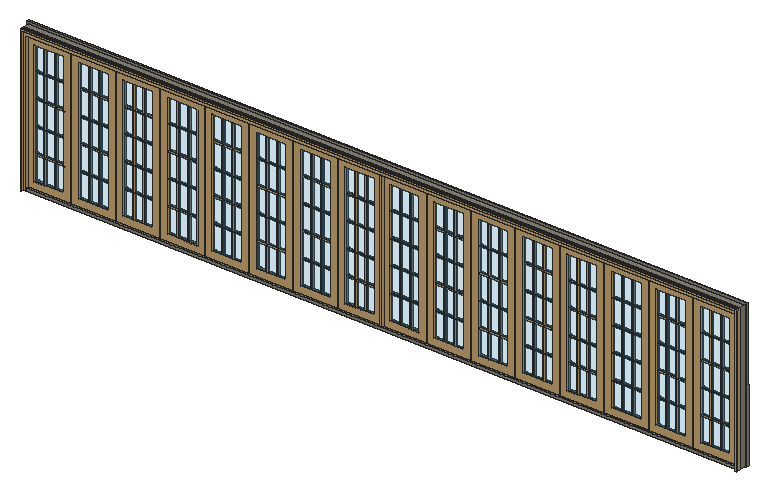
Revit family
Parameters (values of type "CMOBFD40080-16P")
  Width_Calc = if(Number of Panels > 15, -0' 7 101/128", if(Number of Panels > 14, -0' 7 47/256", if(and(Number of Panels > 13, Option Choice Constraint = 43), -0' 6 119/256", if(and(Number of Panels > 13, Option Choice Constraint = 42), -0' 6 91/256", if(Number of Panels > 12, -0' 5 191/256", if(and(Number of Panels > 11, Option Choice Constraint = 38), -0' 5 1/32", if(and(Number of Panels > 11, or(Option Choice Constraint = 39, Option Choice Constraint = 37)), -0' 4 59/64", if(Number of Panels > 10, -0' 4 5/16", if(and(Number of Panels > 9, or(Option Choice Constraint = 33, Option Choice Constraint = 31)), -0' 3 153/256", if(and(Number of Panels > 9, or(Option Choice Constraint = 32, Option Choice Constraint = 30)), -0' 3 31/64", if(Number of Panels > 8, -0' 2 225/256", if(and(Number of Panels > 7, or(Option Choice Constraint = 23, Option Choice Constraint = 21)), -0' 2 41/256", if(and(Number of Panels > 7, or(Option Choice Constraint = 24, Option Choice Constraint = 22)), -0' 2 13/256", if(and(Number of Panels > 7, Option Choice Constraint = 25), -0' 2 17/256", if(and(Number of Panels > 6, or(Option Choice Constraint = 19, Option Choice Constraint = 18, Option Choice Constraint = 17)), -0' 1 113/256", if(and(Number of Panels > 6, Option Choice Constraint = 20), -0' 1 103/256", if(and(Number of Panels > 5, or(Option Choice Constraint = 15, Option Choice Constraint = 13)), -0' 0 93/128", if(and(Number of Panels > 5, Option Choice Constraint = 14), -0' 0 79/128", if(and(Number of Panels > 5, Option Choice Constraint = 16), -0' 0 81/128", if(and(Number of Panels > 4, or(Option Choice Constraint = 11, Option Choice Constraint = 10)), -0' 0 1/128", if(and(Number of Panels > 4, Option Choice Constraint = 12), 0' 0 1/32", if(and(Number of Panels > 3, Option Choice Constraint = 8), 0' 0 105/128", if(and(Number of Panels > 3, Option Choice Constraint = 7), 0' 0 91/128", if(and(Number of Panels > 3, Option Choice Constraint = 9), 0' 0 103/128", if(and(Number of Panels > 2, Option Choice Constraint = 6), 0' 1 15/32", if(and(Number of Panels > 2, Option Choice Constraint = 5), 0' 1 109/256", if(and(Number of Panels > 1, Option Choice Constraint = 4), 0' 2 61/256", if(and(Number of Panels > 1, Option Choice Constraint = 3), 0' 2 37/256", 0' 2 231/256"))))))))))))))))))))))))))))  # -0' - 7 101/128"
  Void Offset = if(and(Casing Visibility, BMC), 0' 1 5/16", if(and(Casing Visibility, Flat Casing), 0' 3", 0' 0"))  # 0' - 1 5/16"
  URL = "www.marvin.com"
  Swing LH_RH = not(Swing Reverse LH_RH)  # yes
  Swing Reverse LH_RH = no
  Standard Bottom Rail = not([8.125" Bottom Rail])  # yes
  Sill Line Visibility = not(Option Choice Constraint 2 = 3)  # yes
  Sill Interior Liner Material = Aluminum-Marvin-Bronze
  Plan Swing P1 [instance] = if(Option Choice Constraint > 1, Plan Swing Angle, 0.00°)  # 45.00°
  Elev Swing P1 = and(Elevation Swing Visibility, Option Choice Constraint > 1)  # yes
  Bottom Rail = if(Standard Bottom Rail, 0' 4 47/64", 0' 8 1/8")  # 0' - 4 47/64"
  8.125" Bottom Rail = no
  Sill Material = Aluminum-Marvin-Bronze
  Prairie Corner Width = 0' - 4"
  Prairie Corner Height = 0' - 4"
  Plan Swing Angle [instance] = 45.00°
  Panels R = if(Option Choice Constraint = 1, 0, if(Option Choice Constraint = 2, 0, if(Option Choice Constraint = 3, 1, if(Option Choice Constraint = 4, 0, if(Option Choice Constraint = 5, 1, if(Option Choice Constraint = 6, 0, if(Option Choice Constraint = 7, 1, if(Option Choice Constraint = 8, 2, if(Option Choice Constraint = 9, 0, if(Option Choice Constraint = 10, 1, if(Option Choice Constraint = 11, 2, if(Option Choice Constraint = 12, 0, if(Option Choice Constraint = 13, 1, if(Option Choice Constraint = 14, 2, if(Option Choice Constraint = 15, 3, if(Option Choice Constraint = 16, 0, if(Option Choice Constraint = 17, 1, if(Option Choice Constraint = 18, 2, if(Option Choice Constraint = 19, 3, if(Option Choice Constraint = 20, 0, if(Option Choice Constraint = 21, 1, if(Option Choice Constraint = 22, 2, if(Option Choice Constraint = 23, 3, if(Option Choice Constraint = 24, 4, if(Option Choice Constraint = 25, 0, if(Option Choice Constraint = 26, 1, if(Option Choice Constraint = 27, 2, if(Option Choice Constraint = 28, 3, if(Option Choice Constraint = 29, 4, if(Option Choice Constraint = 30, 2, if(Option Choice Constraint = 31, 3, if(Option Choice Constraint = 32, 4, if(Option Choice Constraint = 33, 5, if(Option Choice Constraint = 34, 3, if(Option Choice Constraint = 35, 4, if(Option Choice Constraint = 36, 5, if(Option Choice Constraint = 37, 4, if(Option Choice Constraint = 38, 5, if(Option Choice Constraint = 39, 6, if(Option Choice Constraint = 40, 5, if(Option Choice Constraint = 41, 6, if(Option Choice Constraint = 42, 6, if(Option Choice Constraint = 43, 7, if(Option Choice Constraint = 44, 7, 8))))))))))))))))))))))))))))))))))))))))))))  # 8
  Panels L = if(Option Choice Constraint = 1, 1, if(Option Choice Constraint = 2, 1, if(Option Choice Constraint = 3, 1, if(Option Choice Constraint = 4, 2, if(Option Choice Constraint = 5, 2, if(Option Choice Constraint = 6, 3, if(Option Choice Constraint = 7, 3, if(Option Choice Constraint = 8, 2, if(Option Choice Constraint = 9, 4, if(Option Choice Constraint = 10, 4, if(Option Choice Constraint = 11, 3, if(Option Choice Constraint = 12, 5, if(Option Choice Constraint = 13, 5, if(Option Choice Constraint = 14, 4, if(Option Choice Constraint = 15, 3, if(Option Choice Constraint = 16, 6, if(Option Choice Constraint = 17, 6, if(Option Choice Constraint = 18, 5, if(Option Choice Constraint = 19, 4, if(Option Choice Constraint = 20, 7, if(Option Choice Constraint = 21, 7, if(Option Choice Constraint = 22, 6, if(Option Choice Constraint = 23, 5, if(Option Choice Constraint = 24, 4, if(Option Choice Constraint = 25, 8, if(Option Choice Constraint = 26, 8, if(Option Choice Constraint = 27, 7, if(Option Choice Constraint = 28, 6, if(Option Choice Constraint = 29, 5, if(Option Choice Constraint = 30, 8, if(Option Choice Constraint = 31, 7, if(Option Choice Constraint = 32, 6, if(Option Choice Constraint = 33, 5, if(Option Choice Constraint = 34, 8, if(Option Choice Constraint = 35, 7, if(Option Choice Constraint = 36, 6, if(Option Choice Constraint = 37, 8, if(Option Choice Constraint = 38, 7, if(Option Choice Constraint = 39, 6, if(Option Choice Constraint = 40, 8, if(Option Choice Constraint = 41, 7, if(Option Choice Constraint = 42, 8, if(Option Choice Constraint = 43, 7, if(Option Choice Constraint = 44, 8, 8))))))))))))))))))))))))))))))))))))))))))))  # 8
  P16 = if(Swing LH_RH, Panels R > 0, Panels L > 0)  # yes
  P15 = if(Swing LH_RH, Panels R > 1, Panels L > 1)  # yes
  P14 = if(Swing LH_RH, Panels R > 2, Panels L > 2)  # yes
  P13 = if(Swing LH_RH, Panels R > 3, Panels L > 3)  # yes
  P12 = if(Swing LH_RH, Panels R > 4, Panels L > 4)  # yes
  P11 = if(Swing LH_RH, Panels R > 5, Panels L > 5)  # yes
  P10 = if(Swing LH_RH, Panels R > 6, Panels L > 6)  # yes
  P9 = if(Swing LH_RH, Panels R > 7, Panels L > 7)  # yes
  P8 = if(Swing LH_RH, Panels L > 7, Panels R > 7)  # yes
  P7 = if(Swing LH_RH, Panels L > 6, Panels R > 6)  # yes
  P6 = if(Swing LH_RH, Panels L > 5, Panels R > 5)  # yes
  P5 = if(Swing LH_RH, Panels L > 4, Panels R > 4)  # yes
  P4 = if(Swing LH_RH, Panels L > 3, Panels R > 3)  # yes
  P3 = if(Swing LH_RH, Panels L > 2, Panels R > 2)  # yes
  P2 = if(Swing LH_RH, Panels L > 1, Panels R > 1)  # yes
  P1 = if(Swing LH_RH, Panels L > 0, Panels R > 0)  # yes
  Number of Panels = Panels L + Panels R  # 16
  Muntins Interior Material = Wood-Marvin-Pine
  Muntins Exterior Material = Aluminum-Marvin-Bronze
  MS16 = and(Swing Reverse LH_RH, Option Choice Constraint = 3)  # no
  MS15 = or(and(Swing Reverse LH_RH, or(Option Choice Constraint = 5, Option Choice Constraint = 8)), and(Swing LH_RH, or(Option Choice Constraint = 11, Option Choice Constraint = 14, Option Choice Constraint = 18, Option Choice Constraint = 22, Option Choice Constraint = 27, Option Choice Constraint = 30)))  # no
  MS14 = or(and(Swing Reverse LH_RH, or(Option Choice Constraint = 7, Option Choice Constraint = 15)), and(Swing LH_RH, or(Option Choice Constraint = 23, Option Choice Constraint = 31)))  # no
  MS13 = or(and(Swing Reverse LH_RH, or(Option Choice Constraint = 10, Option Choice Constraint = 19, Option Choice Constraint = 24)), and(Swing LH_RH, or(Option Choice Constraint = 29, Option Choice Constraint = 32, Option Choice Constraint = 35, Option Choice Constraint = 37)))  # no
  MS12 = or(and(Swing Reverse LH_RH, or(Option Choice Constraint = 13, Option Choice Constraint = 33)), and(Swing LH_RH, Option Choice Constraint = 38))  # no
  MS11 = or(and(Swing Reverse LH_RH, or(Option Choice Constraint = 17, Option Choice Constraint = 28, Option Choice Constraint = 36, Option Choice Constraint = 39)), and(Swing LH_RH, or(Option Choice Constraint = 41, Option Choice Constraint = 42)))  # no
  MS10 = and(Swing Reverse LH_RH, or(Option Choice Constraint = 21, Option Choice Constraint = 43))  # no
  MS9 = and(Swing Reverse LH_RH, or(Option Choice Constraint = 26, Option Choice Constraint = 34, Option Choice Constraint = 40, Option Choice Constraint = 44, Option Choice Constraint = 45))  # no
  MS8 = and(Swing LH_RH, or(Option Choice Constraint = 26, Option Choice Constraint = 34, Option Choice Constraint = 40, Option Choice Constraint = 44, Option Choice Constraint = 45))  # yes
  MS7 = and(Swing LH_RH, or(Option Choice Constraint = 21, Option Choice Constraint = 43))  # no
  MS6 = or(and(Swing LH_RH, or(Option Choice Constraint = 17, Option Choice Constraint = 28, Option Choice Constraint = 36, Option Choice Constraint = 39)), and(Swing Reverse LH_RH, or(Option Choice Constraint = 41, Option Choice Constraint = 42)))  # no
  MS5 = or(and(Swing LH_RH, or(Option Choice Constraint = 13, Option Choice Constraint = 33)), and(Swing Reverse LH_RH, Option Choice Constraint = 38))  # no
  MS4 = or(and(Swing LH_RH, or(Option Choice Constraint = 10, Option Choice Constraint = 19, Option Choice Constraint = 24)), and(Swing Reverse LH_RH, or(Option Choice Constraint = 29, Option Choice Constraint = 32, Option Choice Constraint = 35, Option Choice Constraint = 37)))  # no
  MS3 = or(and(Swing LH_RH, or(Option Choice Constraint = 7, Option Choice Constraint = 15)), and(Swing Reverse LH_RH, or(Option Choice Constraint = 23, Option Choice Constraint = 31)))  # no
  MS2 = or(and(Swing LH_RH, or(Option Choice Constraint = 5, Option Choice Constraint = 8)), and(Swing Reverse LH_RH, or(Option Choice Constraint = 11, Option Choice Constraint = 14, Option Choice Constraint = 18, Option Choice Constraint = 22, Option Choice Constraint = 27, Option Choice Constraint = 30)))  # no
  MS1 = and(Swing LH_RH, Option Choice Constraint = 3)  # no
  Jamb Extension Visibility = yes
  Interior Material = Wood-Marvin-Pine
  Function = 1
  Frame = "Aluminum Clad"
  Elevation Swing Visibility = yes
  Cladding Material = Aluminum-Marvin-Bronze
  Assembly Code = ""
  0L0R Option 1 = Option Choice Constraint = 1  # no
  1L0R_0L1R Option 2 = Option Choice Constraint = 2  # no
  1L1R Option 3 = Option Choice Constraint = 3  # no
  2L0R_0L2R Option 4 = Option Choice Constraint = 4  # no
  2L1R_1L2R Option 5 = Option Choice Constraint = 5  # no
  3L0R_0L3R Option 6 = Option Choice Constraint = 6  # no
  3L1R_1L3R Option 7 = Option Choice Constraint = 7  # no
  2L2R Option 8 = Option Choice Constraint = 8  # no
  4L0R_0L4R Option 9 = Option Choice Constraint = 9  # no
  4L1R_1L4R Option 10 = Option Choice Constraint = 10  # no
  3L2R_2L3R Option 11 = Option Choice Constraint = 11  # no
  5L0R_0L5R Option 12 = Option Choice Constraint = 12  # no
  5L1R_1L5R Option 13 = Option Choice Constraint = 13  # no
  4L2R_2L4R Option 14 = Option Choice Constraint = 14  # no
  3L3R Option 15 = Option Choice Constraint = 15  # no
  6L0R_0L6R Option 16 = Option Choice Constraint = 16  # no
  6L1R_1L6R Option 17 = Option Choice Constraint = 17  # no
  5L2R_2L5R Option 18 = Option Choice Constraint = 18  # no
  4L3R_3L4R Option 19 = Option Choice Constraint = 19  # no
  7L0R_0L7R Option 20 = Option Choice Constraint = 20  # no
  7L1R_1L7R Option 21 = Option Choice Constraint = 21  # no
  Panel Start Center = Panel W / 2 + 0' 1 59/64"  # 1' - 4.45581"
  Panel Center = Panel W + 0' 0 7/32"  # 2' - 5.28662"
  6L2R_2L6R Option 22 = Option Choice Constraint = 22  # no
  5L3R_3L5R Option 23 = Option Choice Constraint = 23  # no
  4L4R Option 24 = Option Choice Constraint = 24  # no
  8L0R_0L8R Option 25 = Option Choice Constraint = 25  # no
  Thickness = 0' - 2 1/4"  # constant formula
  Rough Width = Width + 0' 1"  # 39' - 5 27/128"
  Rough Height = Height + 0' 0 1/2"  # 8' - 0"
  Panel W = ((Width - 0' 3 27/32") - (Number of Panels - 1) * 0' 0 7/32") / Number of Panels  # 2' - 5.06787"
  Panel Width = Nominal Width / Number of Panels - 0' 0 15/16"  # 2' - 5 1/16"
  Panel Height = if(or(Nominal Height = 6' 8", Nominal Height = 7' 0"), Nominal Height - 0' 3 3/16", Nominal Height - 0' 5 11/16")  # 7' - 6 5/16"
  Nominal Width = 40' - 0"
  Nominal Height = 8' - 0"
  Muntins Visibility = yes
  Muntins E16 Visibility = and(Muntins Visibility, Panels R > 0)  # yes
  Muntins E15 Visibility = and(Muntins Visibility, Panels R > 1)  # yes
  Muntins E14 Visibility = and(Muntins Visibility, Panels R > 2)  # yes
  Muntins E13 Visibility = and(Muntins Visibility, Panels R > 3)  # yes
  Muntins E12 Visibility = and(Muntins Visibility, Panels R > 4)  # yes
  Muntins E11 Visibility = and(Muntins Visibility, Panels R > 5)  # yes
  Muntins E10 Visibility = and(Muntins Visibility, Panels R > 6)  # yes
  Muntins E9 Visibility = and(Muntins Visibility, Panels R > 7)  # yes
  Muntins E8 Visibility = and(Muntins Visibility, Panels L > 7)  # yes
  Muntins E7 Visibility = and(Muntins Visibility, Panels L > 6)  # yes
  Muntins E6 Visibility = and(Muntins Visibility, Panels L > 5)  # yes
  Muntins E5 Visibility = and(Muntins Visibility, Panels L > 4)  # yes
  Muntins E4 Visibility = and(Muntins Visibility, Panels L > 3)  # yes
  Muntins E3 Visibility = and(Muntins Visibility, Panels L > 2)  # yes
  Model = "CMOBFD40080"
  Manufacturer = "Marvin Windows and Doors"
  Lites Wide = 3
  Lites High = 5
  Lite Cut Prairie 9 = no
  Lite Cut HV Grid = not(Lite Cut Prairie 9)  # yes
  Label Visibility = no
  8L1R_1L8R Option 26 = Option Choice Constraint = 26  # no
  7L2R_2L7R Option 27 = Option Choice Constraint = 27  # no
  6L3R_3L6R Option 28 = Option Choice Constraint = 28  # no
  5L4R_4L5R Option 29 = Option Choice Constraint = 29  # no
  8L2R_2L8R Option 30 = Option Choice Constraint = 30  # no
  7L3R_3L7R Option 31 = Option Choice Constraint = 31  # no
  6L4R_4L6R Option 32 = Option Choice Constraint = 32  # no
  5L5R Option 33 = Option Choice Constraint = 33  # no
  8L3R_3L8R Option 34 = Option Choice Constraint = 34  # no
  7L4R_4L7R Option 35 = Option Choice Constraint = 35  # no
  6L5R_5L6R Option 36 = Option Choice Constraint = 36  # no
  8L4R_4L8R Option 37 = Option Choice Constraint = 37  # no
  7L5R_5L7R Option 38 = Option Choice Constraint = 38  # no
  6L6R Option 39 = Option Choice Constraint = 39  # no
  8L5R_5L8R Option 40 = Option Choice Constraint = 40  # no
  7L6R_6L7R Option 41 = Option Choice Constraint = 41  # no
  8L6R_6L8R Option 42 = Option Choice Constraint = 42  # no
  7L7R_7L7R Option 43 = Option Choice Constraint = 43  # no
  8L7R_7L8R Option 44 = Option Choice Constraint = 44  # no
  8L8R Option 45 = Option Choice Constraint = 45  # yes
  Note to User_Configuration Options = "Enter Option Choice 1-45"  # constant formula
  Option Choice_Configuration = 45
  Option Choice Constraint = if(Option Choice_Configuration > 45, 45, if(Option Choice_Configuration < 1, 1, Option Choice_Configuration))  # 45
  Performance Sill Option 1 = Option Choice Constraint 2 = 1  # yes
  Low Profile Sill Option 2 = Option Choice Constraint 2 = 2  # no
  Floor Channel Sill Option 3 = Option Choice Constraint 2 = 3  # no
  Note to User_Sill Options = "Enter Option Choice 1-3"  # constant formula
  Option Choice_Sill = 1
  Option Choice Constraint 2 = if(Option Choice_Sill > 3, 3, if(Option Choice_Sill < 1, 1, Option Choice_Sill))  # 1
  Inset to Installation Flange [instance] = 0' - 1"
  Height = if(Option Choice_Sill = 1, Panel Height + 0' 5 3/16", if(Option Choice_Sill = 2, Panel Height + 0' 4 31/32", Panel Height + 0' 3 7/8"))  # 7' - 11 1/2"
  Wall Closure = (empty or 0)
  Width = Nominal Width + Width_Calc  # 39' - 4 27/128"
  Glazing Material = Glass-Marvin-IG Low E II with Argon
  Glass Type = "IG Low E II with Argon"
  Family created by = "www.rbuiltcomponents.com"
  Door Type = "Clad Ultimate Outswing Bi-Fold Door"
  Design Pressure = if(and(Option Choice Constraint < 17, Option Choice Constraint 2 = 1, Nominal Height < 8' 0 1/16"), "DP50", if(and(Option Choice Constraint < 17, Option Choice Constraint 2 = 1, Nominal Height < 10' 0 1/16"), "DP40", "Not Rated"))  # "Not Rated"
  Description = "40080 BFLD DOOR"
  Daylight Area = DLO Width Panel * DLO Height Panel * Number of Panels  # 179.42 SF
  Muntins E2 Visibility = and(Muntins Visibility, Panels L > 1)  # yes
  Muntins E1 Visibility = and(Muntins Visibility, Panels L > 0)  # yes
  DLO Width Panel = Panel W - 0' 9 3/32"  # 1' - 7.97412"
  DLO Height Panel = if(Standard Bottom Rail, Panel Height - 0' 9 15/32", Panel Height - 1' 0 55/64")  # 6' - 8 27/32"
  Casing Width = if(BMC, 0' 1 5/16", 0' 3")  # 0' - 1 5/16"
  Casing Visibility = yes
  Flat Casing Visibility = and(Casing Visibility, Flat Casing)  # no
  BMC Visibility = and(Casing Visibility, BMC)  # yes
  BMC = yes
  Flat Casing = not(BMC)  # no
Reference planes (in)
  plane 1 "Center (Front/Back)": y = 0
  plane 2 "Center (Left/Right)": x = 0
  plane 3 "Left": x = -236.10547
  plane 4 "Right": x = 236.10547
  plane 5 "Top": z = 95.5
  plane 6 "Exterior": y = 4
  plane 7 "Interior": y = -4
  plane 8 "Inset": y = 3
  plane 9: x = -234.98047
  plane 10: x = 234.98047
  plane 11: z = 93.46875
  plane 12 "Jamb Ext Face": y = -2.5625
  plane 13 "Panel Ext": y = 1.4375
  plane 14: x = 161.07642
  plane 15: x = 190.36304
  plane 16: x = 219.64966
  plane 17: x = 131.78979
  plane 18: z = 96.8125
  plane 19: x = 73.21655
  plane 20: x = 43.92993
  plane 21: x = 14.64331
  plane 22: x = 102.50317
  plane 23 "Panel Top": z = 92.03125
  plane 24: z = 87.29687
  plane 25: x = -237.41797
  plane 26: x = 237.41797
  plane 27: y = -2.59375
  plane 28 "Sill": z = 0
  plane 29 "Glazing Ext": y = 0.96875
  plane 30 "Glazing Int": y = 0
  plane 31: x = -161.07642
  plane 32: x = -190.36304
  plane 33: x = -219.64966
  plane 34: x = -131.78979
  plane 35: x = -73.21655
  plane 36: x = -43.92993
  plane 37: x = -14.64331
  plane 38: x = -102.50317
Forms (in)
  Extrusion 1, void
    sketch origin (0, 0, 0) x (1, 0, 0) y (0, 1, 0)
      loop
        line (-237.41797, 4.125) -> (-237.41797, 3) -> (237.41797, 3) -> (237.41797, 4.125) -> (-237.41797, 4.125)
    from 0 to 96.8125
  Extrusion 2, void
    sketch origin (0, 0, 0) x (1, 0, 0) y (0, 1, 0)
      loop
        line (-236.10547, 3) -> (-236.10547, -4) -> (236.10547, -4) -> (236.10547, 3) -> (-236.10547, 3)
    from 0 to 95.5
  Sweep 3, solid, material "Aluminum-Marvin-Bronze" <- "Cladding Material"
    path origin (0, 0, 95.5) x (0, -1, 0) y (1, 0, 0)
      loop
        line (-3, -234.98047) -> (-3, 234.98047)
    profile "Clad Frame 2 : Clad Frame 2" origin (0, 3, 95.5) x (0, 1, 0) y (0, 0, 1)
      loop
        line (-0.125, -1.125) -> (-4.21875, -1.125) -> (-4.21875, -3.25) -> (-1.625, -3.25) -> (-1.625, -2.8125) -> (-0.84375, -2.8125) -> (-0.84375, -3.0625) -> (-0.125, -3.0625) -> (-0.125, -1.125)
  Sweep 4, solid, material "Aluminum-Marvin-Bronze" <- "Sill Material", visible <- "Performance Sill Option 1"
    path origin (0, 0, 0) x (1, 0, 0) y (0, 1, 0)
      loop
        line (-236.10547, 3) -> (236.10547, 3)
    profile "Sill_Performance : Sill_Performance" origin (0, 3, 0) x (0, 1, 0) y (0, 0, 1)
      loop
        line (-5.5625, 0) -> (1.09375, 0) -> (1.09375, 1.04409) -> (-1.625, 1.32985) -> (-1.625, 0.4375) -> (-2.28125, 0.4375) -> (-2.28125, 1.3125) -> (-2.517, 1.3125) -> (-2.517, 0.5813) -> (-3.09375, 0.4375) -> (-3.09375, 1.3125) -> (-4.21875, 1.3125) -> (-4.21875, 2.125) -> (-5.5625, 2.125) -> (-5.5625, 0)
  Sweep 5, solid, material "Aluminum-Marvin-Bronze" <- "Sill Material", visible <- "Low Profile Sill Option 2"
    path origin (0, 0, 0) x (1, 0, 0) y (0, 1, 0)
      loop
        line (-236.10547, 3) -> (236.10547, 3)
    profile "Sill_Low_Profile : Sill_Low_Profile" origin (0, 3, 0) x (0, 1, 0) y (0, 0, 1)
      loop
        line (-5.5625, 0) -> (1.09375, 0) -> (1.09375, 1.125) -> (-1.625, 1.125) -> (-1.625, 0.25) -> (-2.28125, 0.25) -> (-2.28125, 1.125) -> (-2.517, 1.125) -> (-2.517, 0.3938) -> (-3.09375, 0.25) -> (-3.09375, 1.125) -> (-5.5625, 1.125) -> (-5.5625, 0)
  Extrusion 6, solid, material "Wood-Marvin-Pine" <- "Interior Material", visible <- "Jamb Extension Visibility", detail levels medium+fine
    sketch origin (0, -2.5625, 0) x (1, 0, 0) y (0, 0, 1)
      loop
        line (-236.10547, 0) -> (-235.41797, 0) -> (-235.41797, 94.8125) -> (235.41797, 94.8125) -> (235.41797, 0) -> (236.10547, 0) -> (236.10547, 95.5) -> (-236.10547, 95.5) -> (-236.10547, 0)
    from 0.03125 to 1.4375
  Sweep 7, solid, material "Aluminum-Marvin-Bronze" <- "Cladding Material"
    path origin (0, 3, 0) x (1, 0, 0) y (0, 0, 1)
      loop
        line (-236.10547, 0) -> (-236.10547, 95.5) -> (236.10547, 95.5) -> (236.10547, 0)
    profile "Clad Frame : Clad Frame" origin (236.10547, 3, 47.75) x (1, 0, 0) y (0, -1, 0)
      loop
        line (0, 4.21875) -> (-1.59375, 4.21875) -> (-1.59375, 3.5) -> (-1.75, 3.5) -> (-1.75, 2.375) -> (-1.4375, 2.375) -> (-1.4375, 1.71875) -> (-1.125, 1.71875) -> (-1.125, -0.0625) -> (-0.8125, -0.0625) -> (-0.8125, -1.09501) -> (0, -1.09501) -> (0, 4.21875)
  Extrusion 8, solid, material "Wood-Marvin-Pine" <- "Interior Material"
    sketch origin (0, -2.5625, 0) x (1, 0, 0) y (0, 0, 1)
      loop
        line (-236.10547, 0) -> (-233.66797, 0) -> (-233.66797, 91.65625) -> (233.66797, 91.65625) -> (233.66797, 0) -> (236.10547, 0) -> (236.10547, 95.5) -> (-236.10547, 95.5) -> (-236.10547, 0)
    from 0 to -1.34375
  Sweep 9, void
    path origin (510, 3, 0) x (-1, 0, 0) y (0, 0, 1)
      loop
        line (273.89453, 0) -> (273.89453, 4)
    profile "Void Frame : Void Frame" origin (236.10547, 3, 2) x (-1, 0, 0) y (0, -1, 0)
      loop
        line (0, 5.56299) -> (0, -1.09501) -> (0.8125, -1.09501) -> (0.8125, -0.0625) -> (1.125, -0.0625) -> (1.125, 1.71875) -> (1.4375, 1.71875) -> (1.4375, 2.375) -> (1.75, 2.375) -> (1.75, 3.5) -> (1.59375, 3.5) -> (1.59375, 4.21875) -> (2.4375, 4.21875) -> (2.4375, 5.56299) -> (0, 5.56299)
  Sweep 10, void
    path origin (0, 3, 0) x (1, 0, 0) y (0, 0, 1)
      loop
        line (-236.10547, 0) -> (-236.10547, 4)
    profile "Void Frame : Void Frame" origin (-236.10547, 3, 2) x (-1, 0, 0) y (0, -1, 0)
      loop
        line (0, 5.56299) -> (-2.4375, 5.56299) -> (-2.4375, 4.21875) -> (-1.59375, 4.21875) -> (-1.59375, 3.5) -> (-1.75, 3.5) -> (-1.75, 2.375) -> (-1.4375, 2.375) -> (-1.4375, 1.71875) -> (-1.125, 1.71875) -> (-1.125, -0.0625) -> (-0.8125, -0.0625) -> (-0.8125, -1.09501) -> (0, -1.09501) -> (0, 5.56299)
Cuts and joins
  Sweep 9, Sweep 10 cuts Sweep 4
  Sweep 9, Sweep 10 cuts Sweep 5
Lines and regions (in)
  Masking region 1
    outline origin (0, 0, 0) x (0, 1, 0) y (0, 0, 1)
      loop
        line (4.09501, 95.5) -> (-2.59375, 95.5) -> (-2.59375, 0) -> (4.09501, 0) -> (4.09501, 95.5)
  Masking region 2, visible <- "Jamb Extension Visibility"
    outline origin (0, 0, 0) x (1, 0, 0) y (0, 1, 0)
      loop
        line (235.29297, -2.59375) -> (235.29297, -4) -> (236.10547, -4) -> (236.10547, -2.59375) -> (235.29297, -2.59375)
      loop
        line (-235.29297, -2.59375) -> (-236.10547, -2.59375) -> (-236.10547, -4) -> (-235.29297, -4) -> (-235.29297, -2.59375)
  Masking region 3, visible <- "Jamb Extension Visibility"
    outline origin (0, 0, 0) x (0, 1, 0) y (0, 0, 1)
      loop
        line (-2.59375, 95.5) -> (-4, 95.5) -> (-4, 0) -> (-2.59375, 0) -> (-2.59375, 95.5)
  symbolic lines, style "DoorsPanelProjection", detail levels coarse+medium
    curve 1: line (0, 1.4375, 92.03125) -> (0, -0.78077, 92.03125)
    curve 2: line (0, 1.4375, 87.29687) -> (0, 1.4375, 92.03125)
    curve 3: line (0, -0.78077, 87.29687) -> (0, 1.4375, 87.29687)
    curve 4: line (0, -0.78077, 92.03125) -> (0, -0.78077, 87.29687)
    curve 5: line (0, -0.78077, 1.71875) -> (0, 1.4375, 1.71875)
    curve 6: line (0, -0.78077, 6.45312) -> (0, -0.78077, 1.71875)
    curve 7: line (0, 1.4375, 6.45312) -> (0, -0.78077, 6.45312)
    curve 8: line (0, 1.4375, 1.71875) -> (0, 1.4375, 6.45312)
    curve 9: line (0, 1.4375, 6.45312) -> (0, 1.4375, 87.29687)
    curve 10: line (0, -0.78077, 6.45312) -> (0, -0.78077, 87.29687)
  symbolic lines, style "DoorsGlassProjection", detail levels coarse+medium
    curve 11: line (0, 0.32837, 6.45312) -> (0, 0.32837, 87.29687)
  symbolic lines, style "DoorsFrameMullionProjection", detail levels coarse+medium
    curve 12: line (0, 4.09375, 95.5) -> (0, -4, 95.5)
    curve 13: line (0, 4.09375, 94.375) -> (0, 4.09375, 95.5)
    curve 14: line (0, 2.875, 94.375) -> (0, 4.09375, 94.375)
    curve 15: line (0, -2.5625, 95.5) -> (0, -2.5625, 91.65625)
    curve 20: line (0, 2.875, 92.28125) -> (0, 2.875, 94.375)
    curve 21: line (0, -1.21875, 92.28125) -> (0, 2.875, 92.28125)
    curve 22: line (0, -2.5625, 91.65625) -> (0, -1.21875, 91.65625)
    curve 23: line (0, -1.21875, 92.28125) -> (0, -1.21875, 91.65625)
  symbolic lines, style "DoorsFrameMullionProjection", visible <- "Jamb Extension Visibility", detail levels coarse+medium
    curve 16: line (-236.10547, -4, 0) -> (-235.41797, -4, 0)
    curve 17: line (-235.41797, -4, 0) -> (-235.41797, -2.59375, 0)
    curve 18: line (236.10547, -4, 0) -> (235.41797, -4, 0)
    curve 19: line (235.41797, -4, 0) -> (235.41797, -2.59375, 0)
    curve 24: line (0, -4, 94.8125) -> (0, -2.59375, 94.8125)
    curve 25: line (0, -4, 94.8125) -> (0, -4, 95.5)
  symbolic lines, style "Jamb Extension", visible <- "Jamb Extension Visibility", detail levels fine
    curve 26: line (0, -4, 94.8125) -> (0, -2.59375, 94.8125)
    curve 27: line (0, -4, 94.8125) -> (0, -4, 95.5)
  symbolic lines, style "DoorsFrameMullionProjection", visible <- "Sill Line Visibility", detail levels coarse+medium
    curve 28: line (0, -2.5625, 0) -> (0, 4.09375, 0)
    curve 29: line (0, -2.5625, 1.32812) -> (0, -2.5625, 0)
    curve 30: line (0, 4.09375, 1.32812) -> (0, -2.5625, 1.32812)
    curve 31: line (0, 4.09375, 0) -> (0, 4.09375, 1.32812)
Text (in)
  text "Exterior" at (-74.96733, 45.47966, 0), in view "Ref. Level"
  text "Interior" at (-74.96733, -25.14366, 0), in view "Ref. Level"
  text "Exterior" at (0, 40.15149, 123.01588), in view "Right"
  text "Interior" at (0, -64.39139, 123.01588), in view "Right"
  text "Interior" at (0, -31.01599, 123.00693), in view "Left"
  text "Exterior" at (0, 54.57065, 123.00693), in view "Left"
Dimensions and locks (in)
  equal spacing: plane 3 "Left", plane 2 "Center (Left/Right)", plane 4 "Right"
  "Height": level to plane 5 "Top"
  "Width": plane 3 "Left" to plane 4 "Right"
  locked: plane 10 to plane 4 "Right" at 1.125
  locked: plane 3 "Left" to plane 9 at 1.125
  locked: plane 11 to plane 5 "Top" at 2.03125
  "Inset to Installation Flange": host wall to plane 8 "Inset"
  locked: plane 12 "Jamb Ext Face" to plane 8 "Inset" at 5.5625
  locked: nested 1 to host wall at 24
  locked: Extrusion 1 sketch curve to host wall at 0.125
  "Void Offset": Extrusion 1 sketch curve to plane 3 "Left"
  "Void Offset": plane 4 "Right" to Extrusion 1 sketch curve
  "Panel Center": plane 14 to plane 17
  "Panel Center": plane 15 to plane 14
  "Panel Center": plane 16 to plane 15
  "Void Offset": plane 5 "Top" to plane 18
  "Panel Center": plane 19 to plane 22
  "Panel Center": plane 20 to plane 19
  "Panel Center": plane 21 to plane 20
  locked: plane 13 "Panel Ext" to plane 8 "Inset" at 1.5625
  locked: plane 3 "Left" to Sweep 3 sketch curve at 1.125
  locked: Sweep 3 sketch curve to plane 4 "Right" at 1.125
  "Panel Start Center": plane 16 to plane 4 "Right"
  "Panel Center": plane 17 to plane 22
  locked: plane 23 "Panel Top" to plane 5 "Top" at 3.46875
  locked: plane 24 to plane 23 "Panel Top" at 4.73438
  "Void Offset": plane 25 to plane 3 "Left"
  "Void Offset": plane 4 "Right" to plane 26
  locked: plane 27 to plane 12 "Jamb Ext Face" at 0.03125
  locked: Extrusion 6 sketch curve to plane 4 "Right" at 0.6875
  locked: plane 3 "Left" to Extrusion 6 sketch curve at 0.6875
  locked: plane 5 "Top" to Extrusion 6 sketch curve at 0.6875
  plane 30 "Glazing Int" to plane 29 "Glazing Ext" to plane 13 "Panel Ext" = 0' - 0 31/32" locked, 0' - 0 15/32" locked
  "Panel Center": plane 31 to plane 34
  "Panel Center": plane 32 to plane 31
  "Panel Center": plane 33 to plane 32
  "Panel Center": plane 35 to plane 38
  "Panel Center": plane 36 to plane 35
  "Panel Center": plane 37 to plane 36
  "Panel Center": plane 34 to plane 38
  "Panel Start Center": plane 33 to plane 3 "Left"
  locked: plane 5 "Top" to Extrusion 8 sketch curve at 3.84375
  locked: plane 3 "Left" to Extrusion 8 sketch curve at 2.4375
  locked: Extrusion 8 sketch curve to plane 4 "Right" at 2.4375
  locked: curve 5 to curve 30 at 0.39062
  locked: Sweep 9 sketch curve to Sweep 9 sketch curve at 4
  locked: Sweep 10 sketch curve to Sweep 10 sketch curve at 4
  equal spacing: curve 2, curve 11, curve 4
  aligned and locked: plane 6 "Exterior" to host wall
  aligned and locked: plane 7 "Interior" to host wall
  aligned and locked: plane 2 "Center (Left/Right)" to nested 1
  aligned and locked: Extrusion 1 sketch curve to plane 8 "Inset"
  aligned and locked: Extrusion 1 to level
  aligned and locked: Extrusion 2 sketch curve to plane 3 "Left"
  aligned and locked: plane 8 "Inset" to Extrusion 2 sketch curve
  aligned and locked: plane 4 "Right" to Extrusion 2 sketch curve
  aligned and locked: Extrusion 2 to plane 5 "Top"
  aligned and locked: Extrusion 2 to level
  aligned and locked: Extrusion 2 sketch curve to host wall
  aligned and locked: plane 8 "Inset" to nested 10
  aligned and locked: plane 2 "Center (Left/Right)" to nested 10
  aligned and locked: Extrusion 1 to plane 18
  aligned and locked: plane 5 "Top" to Masking region 1 sketch curve
  aligned and locked: level to Masking region 1 sketch curve
  aligned and locked: nested 11 to plane 8 "Inset"
  aligned and locked: curve 15 to plane 12 "Jamb Ext Face"
  aligned and locked: nested 3 to plane 17
  aligned and locked: nested 9 to plane 14
  aligned and locked: plane 16 to nested 6
  aligned and locked: nested 7 to plane 16
  aligned and locked: plane 17 to nested 2
  aligned and locked: plane 14 to nested 8
  aligned and locked: plane 22 to nested 13
  aligned and locked: plane 19 to nested 19
  aligned and locked: plane 20 to nested 15
  aligned and locked: plane 21 to nested 17
  aligned and locked: nested 12 to plane 22
  aligned and locked: nested 18 to plane 19
  aligned and locked: nested 14 to plane 20
  aligned and locked: nested 16 to plane 21
  aligned and locked: nested 23 to plane 22
  aligned and locked: nested 22 to plane 19
  aligned and locked: nested 21 to plane 20
  aligned and locked: plane 8 "Inset" to Sweep 3 sketch curve
  aligned and locked: plane 13 "Panel Ext" to nested 23
  aligned and locked: plane 13 "Panel Ext" to nested 21
  aligned and locked: plane 13 "Panel Ext" to nested 22
  aligned and locked: nested 7 to nested 13
  aligned and locked: nested 7 to nested 19
  aligned and locked: nested 4 to nested 6
  aligned and locked: nested 8 to nested 6
  aligned and locked: nested 2 to nested 6
  aligned and locked: nested 6 to nested 12
  aligned and locked: nested 6 to nested 18
  aligned and locked: nested 6 to nested 14
  aligned and locked: nested 6 to nested 16
  aligned and locked: nested 5 to nested 7
  aligned and locked: nested 9 to nested 7
  aligned and locked: nested 3 to nested 7
  aligned and locked: nested 7 to nested 15
  aligned and locked: nested 7 to nested 17
  aligned and locked: nested 5 to plane 15
  aligned and locked: plane 15 to nested 4
  aligned and locked: nested 20 to plane 23 "Panel Top"
  aligned and locked: nested 21 to plane 23 "Panel Top"
  aligned and locked: nested 22 to plane 23 "Panel Top"
  aligned and locked: nested 23 to plane 23 "Panel Top"
  aligned and locked: plane 24 to nested 7
  aligned and locked: plane 24 to nested 5
  aligned and locked: plane 24 to nested 9
  aligned and locked: plane 24 to nested 3
  aligned and locked: nested 19 to plane 24
  aligned and locked: nested 15 to plane 24
  aligned and locked: nested 17 to plane 24
  aligned and locked: plane 24 to nested 16
  aligned and locked: plane 24 to nested 14
  aligned and locked: plane 24 to nested 18
  aligned and locked: plane 24 to nested 12
  aligned and locked: nested 2 to plane 24
  aligned and locked: nested 8 to plane 24
  aligned and locked: nested 4 to plane 24
  aligned and locked: nested 6 to plane 24
  aligned and locked: nested 13 to plane 24
  aligned and locked: plane 16 to nested 27
  aligned and locked: plane 15 to nested 26
  aligned and locked: plane 14 to nested 25
  aligned and locked: plane 17 to nested 24
  aligned and locked: nested 27 to plane 23 "Panel Top"
  aligned and locked: nested 26 to plane 23 "Panel Top"
  aligned and locked: nested 25 to plane 23 "Panel Top"
  aligned and locked: nested 24 to plane 23 "Panel Top"
  aligned and locked: plane 8 "Inset" to Sweep 4 sketch curve
  aligned and locked: plane 8 "Inset" to Sweep 5 sketch curve
  aligned and locked: plane 4 "Right" to Extrusion 6 sketch curve
  aligned and locked: Extrusion 6 sketch curve to plane 3 "Left"
  aligned and locked: Extrusion 6 sketch curve to level
  aligned and locked: level to Extrusion 6 sketch curve
  aligned and locked: plane 5 "Top" to Extrusion 6 sketch curve
  aligned and locked: Extrusion 6 to plane 27
  aligned and locked: plane 7 "Interior" to Extrusion 6
  aligned and locked: Masking region 2 sketch curve to plane 27
  aligned and locked: plane 7 "Interior" to Masking region 2 sketch curve
  aligned and locked: plane 27 to Masking region 2 sketch curve
  aligned and locked: Masking region 2 sketch curve to plane 7 "Interior"
  aligned and locked: curve 18 to plane 7 "Interior"
  aligned and locked: curve 19 to Extrusion 6
  aligned and locked: plane 27 to curve 19
  aligned and locked: plane 7 "Interior" to curve 16
  aligned and locked: curve 17 to Extrusion 6
  aligned and locked: plane 3 "Left" to curve 16
  aligned and locked: plane 4 "Right" to curve 18
  aligned and locked: plane 23 "Panel Top" to curve 1
  aligned and locked: curve 3 to plane 24
  aligned and locked: level to nested 11
  aligned and locked: plane 27 to Masking region 3 sketch curve
  aligned and locked: plane 5 "Top" to Masking region 3 sketch curve
  aligned and locked: Masking region 3 sketch curve to plane 7 "Interior"
  aligned and locked: level to Masking region 3 sketch curve
  aligned and locked: Masking region 1 sketch curve to plane 27
  aligned and locked: nested 11 to curve 14
  aligned and locked: curve 20 to nested 11
  aligned and locked: curve 21 to nested 11
  aligned and locked: curve 22 to nested 11
  aligned and locked: curve 23 to nested 11
  aligned and locked: curve 12 to Extrusion 6
  aligned and locked: curve 26 to Extrusion 6
  aligned and locked: plane 7 "Interior" to curve 27
  aligned and locked: level to curve 28
  aligned and locked: curve 29 to plane 12 "Jamb Ext Face"
  aligned and locked: curve 13 to nested 11
  aligned and locked: plane 30 "Glazing Int" to nested 6
  aligned and locked: plane 29 "Glazing Ext" to nested 7
  aligned and locked: plane 13 "Panel Ext" to nested 20
  aligned and locked: plane 13 "Panel Ext" to nested 24
  aligned and locked: plane 13 "Panel Ext" to nested 25
  aligned and locked: plane 13 "Panel Ext" to nested 26
  aligned and locked: plane 13 "Panel Ext" to nested 27
  aligned and locked: nested 20 to plane 21
  aligned and locked: nested 30 to nested 32
  aligned and locked: nested 30 to nested 35
  aligned and locked: nested 29 to nested 30
  aligned and locked: nested 31 to nested 30
  aligned and locked: nested 28 to nested 30
  aligned and locked: nested 30 to nested 33
  aligned and locked: nested 30 to nested 34
  aligned and locked: plane 4 "Right" to Sweep 7 sketch curve
  aligned and locked: plane 5 "Top" to Sweep 7 sketch curve
  aligned and locked: plane 3 "Left" to Sweep 7 sketch curve
  aligned and locked: level to Sweep 7 sketch curve  (x2)
  aligned and locked: Extrusion 8 sketch curve to plane 3 "Left"
  aligned and locked: Extrusion 8 sketch curve to plane 5 "Top"
  aligned and locked: Extrusion 8 sketch curve to plane 4 "Right"
  aligned and locked: Extrusion 8 sketch curve to level  (x2)
  aligned and locked: plane 37 to nested 36
  aligned and locked: plane 23 "Panel Top" to nested 36
  aligned and locked: plane 23 "Panel Top" to nested 37
  aligned and locked: plane 23 "Panel Top" to nested 38
  aligned and locked: plane 23 "Panel Top" to nested 39
  aligned and locked: plane 23 "Panel Top" to nested 40
  aligned and locked: plane 23 "Panel Top" to nested 41
  aligned and locked: plane 23 "Panel Top" to nested 42
  aligned and locked: plane 23 "Panel Top" to nested 43
  aligned and locked: plane 24 to nested 34
  aligned and locked: plane 24 to nested 33
  aligned and locked: plane 24 to nested 35
  aligned and locked: plane 24 to nested 32
  aligned and locked: nested 28 to plane 24
  aligned and locked: nested 31 to plane 24
  aligned and locked: nested 29 to plane 24
  aligned and locked: nested 30 to plane 24
  aligned and locked: nested 34 to plane 37
  aligned and locked: plane 36 to nested 37
  aligned and locked: nested 33 to plane 36
  aligned and locked: plane 35 to nested 38
  aligned and locked: nested 35 to plane 35
  aligned and locked: plane 38 to nested 39
  aligned and locked: nested 32 to plane 38
  aligned and locked: nested 40 to plane 34
  aligned and locked: plane 34 to nested 28
  aligned and locked: nested 41 to plane 31
  aligned and locked: plane 31 to nested 31
  aligned and locked: nested 42 to plane 32
  aligned and locked: plane 32 to nested 29
  aligned and locked: nested 43 to plane 33
  aligned and locked: plane 33 to nested 30
  aligned and locked: nested 43 to plane 13 "Panel Ext"
  aligned and locked: nested 42 to plane 13 "Panel Ext"
  aligned and locked: nested 41 to plane 13 "Panel Ext"
  aligned and locked: nested 40 to plane 13 "Panel Ext"
  aligned and locked: nested 39 to plane 13 "Panel Ext"
  aligned and locked: nested 38 to plane 13 "Panel Ext"
  aligned and locked: nested 37 to plane 13 "Panel Ext"
  aligned and locked: nested 36 to plane 13 "Panel Ext"
  aligned and locked: nested 45 to nested 46
  aligned and locked: nested 47 to nested 46
  aligned and locked: nested 44 to nested 46
  aligned and locked: nested 46 to nested 48
  aligned and locked: nested 46 to nested 51
  aligned and locked: nested 46 to nested 49
  aligned and locked: nested 46 to nested 50
  aligned and locked: nested 46 to plane 33
  aligned and locked: nested 45 to plane 32
  aligned and locked: nested 47 to plane 31
  aligned and locked: nested 44 to plane 34
  aligned and locked: plane 38 to nested 48
  aligned and locked: plane 35 to nested 51
  aligned and locked: plane 36 to nested 49
  aligned and locked: plane 37 to nested 50
  aligned and locked: plane 24 to nested 46
  aligned and locked: plane 24 to nested 45
  aligned and locked: plane 24 to nested 47
  aligned and locked: plane 24 to nested 44
  aligned and locked: nested 48 to plane 24
  aligned and locked: nested 51 to plane 24
  aligned and locked: nested 49 to plane 24
  aligned and locked: nested 50 to plane 24
  aligned and locked: nested 30 to plane 29 "Glazing Ext"
  aligned and locked: nested 29 to plane 29 "Glazing Ext"
  aligned and locked: nested 31 to plane 29 "Glazing Ext"
  aligned and locked: nested 28 to plane 29 "Glazing Ext"
  aligned and locked: plane 29 "Glazing Ext" to nested 32
  aligned and locked: plane 29 "Glazing Ext" to nested 35
  aligned and locked: plane 29 "Glazing Ext" to nested 33
  aligned and locked: plane 29 "Glazing Ext" to nested 34
  aligned and locked: nested 17 to plane 29 "Glazing Ext"
  aligned and locked: nested 15 to plane 29 "Glazing Ext"
  aligned and locked: nested 19 to plane 29 "Glazing Ext"
  aligned and locked: nested 13 to plane 29 "Glazing Ext"
  aligned and locked: plane 29 "Glazing Ext" to nested 3
  aligned and locked: plane 29 "Glazing Ext" to nested 9
  aligned and locked: plane 29 "Glazing Ext" to nested 5
  aligned and locked: nested 46 to plane 30 "Glazing Int"
  aligned and locked: nested 45 to plane 30 "Glazing Int"
  aligned and locked: nested 47 to plane 30 "Glazing Int"
  aligned and locked: nested 44 to plane 30 "Glazing Int"
  aligned and locked: plane 30 "Glazing Int" to nested 48
  aligned and locked: plane 30 "Glazing Int" to nested 51
  aligned and locked: plane 30 "Glazing Int" to nested 49
  aligned and locked: plane 30 "Glazing Int" to nested 50
  aligned and locked: nested 16 to plane 30 "Glazing Int"
  aligned and locked: nested 14 to plane 30 "Glazing Int"
  aligned and locked: nested 18 to plane 30 "Glazing Int"
  aligned and locked: nested 12 to plane 30 "Glazing Int"
  aligned and locked: plane 30 "Glazing Int" to nested 2
  aligned and locked: plane 30 "Glazing Int" to nested 8
  aligned and locked: plane 30 "Glazing Int" to nested 4
  aligned and locked: curve 4 to nested 11
  aligned and locked: curve 7 to nested 11
  aligned and locked: curve 5 to nested 11
  aligned and locked: Masking region 1 sketch curve to Sweep 7
  aligned and locked: plane 3 "Left" to Sweep 4 sketch curve
  aligned and locked: plane 4 "Right" to Sweep 4 sketch curve
  aligned and locked: plane 4 "Right" to Sweep 9 sketch curve
  aligned and locked: plane 3 "Left" to Sweep 10 sketch curve
  aligned and locked: plane 4 "Right" to Sweep 5 sketch curve
  aligned and locked: plane 3 "Left" to Sweep 5 sketch curve
  aligned and locked: plane 3 "Left" to Sweep 7
  aligned and locked: plane 13 "Panel Ext" to nested 52
  aligned and locked: plane 10 to nested 52
  aligned and locked: nested 53 to plane 13 "Panel Ext"
  aligned and locked: plane 9 to nested 53
  aligned and locked: curve 31 to nested 11
Automatic sketch dimensions
  curve 24 to plane 27 = 0' - 0"
  curve 26 to plane 27 = 0' - 0"
  plane 27 to curve 17 = 0' - 0"
  Masking region 2 sketch curve to plane 3 "Left" = 0' - 0"
  Masking region 2 sketch curve to plane 4 "Right" = 0' - 0"
  plane 9 to Masking region 2 sketch curve = 0' - 0 5/16"
  Masking region 2 sketch curve to plane 10 = 0' - 0 5/16"
  Sweep 9 sketch curve to level = 0' - 0"
  curve 5 to plane 13 "Panel Ext" = 0' - 0"
  Sweep 10 sketch curve to level = 0' - 0"
Nested families (in)
  nested 1: "Label Annotation 1-16 w" at (0, 28, 0), visible <- "Label Visibility", type "Label Annotation 1-16 w"
  nested 2: "Muntins" at (131.78979, 0, -29.54688), Muntin Material <- "Muntins Interior Material", visible <- "Muntins E4 Visibility", type "Muntins"
    with MuntinDepth 0' - 0 1/4", Muntin Material Wood-Marvin-Pine
  nested 3: "Muntins" at (131.78979, 0.96875, -29.54688), visible <- "Muntins E4 Visibility", Muntin Material <- "Muntins Exterior Material", type "Muntins"
    with Muntin Material Aluminum-Marvin-Bronze
  nested 4: "Muntins" at (190.36304, 0, -29.54688), Muntin Material <- "Muntins Interior Material", visible <- "Muntins E2 Visibility", type "Muntins"
    with MuntinDepth 0' - 0 1/4", Muntin Material Wood-Marvin-Pine
  nested 5: "Muntins" at (190.36304, 0.96875, -29.54688), visible <- "Muntins E2 Visibility", Muntin Material <- "Muntins Exterior Material", type "Muntins"
    with Muntin Material Aluminum-Marvin-Bronze
  nested 6: "Muntins" at (219.64966, 0, -29.54688), Muntin Material <- "Muntins Interior Material", visible <- "Muntins E1 Visibility", type "Muntins"
    with MuntinDepth 0' - 0 1/4", Muntin Material Wood-Marvin-Pine
  nested 7: "Muntins" at (219.64966, 0.96875, -29.54688), visible <- "Muntins E1 Visibility", Muntin Material <- "Muntins Exterior Material", type "Muntins"
    with Muntin Material Aluminum-Marvin-Bronze
  nested 8: "Muntins" at (161.07642, 0, -29.54688), Muntin Material <- "Muntins Interior Material", visible <- "Muntins E3 Visibility", type "Muntins"
    with MuntinDepth 0' - 0 1/4", Muntin Material Wood-Marvin-Pine
  nested 9: "Muntins" at (161.07642, 0.96875, -29.54688), visible <- "Muntins E3 Visibility", Muntin Material <- "Muntins Exterior Material", type "Muntins"
    with Muntin Material Aluminum-Marvin-Bronze
  nested 10: "Casing_Clad" at (0, 3, 0), visible <- "Casing Visibility", type "Casing_Clad"
  nested 11: "Door_Section_Detail" at (0, 3, 0) x (0, -1, 0) z (1, 0, 0), type "Door_Section_Detail", detail levels fine
  nested 12: "Muntins" at (102.50317, 0, -29.54688) x (-1, 0, 0) z (0, 0, 1), Muntin Material <- "Muntins Interior Material", visible <- "Muntins E5 Visibility", type "Muntins"
    with MuntinDepth 0' - 0 1/4", Muntin Material Wood-Marvin-Pine
  nested 13: "Muntins" at (102.50317, 0.96875, -29.54688) x (-1, 0, 0) z (0, 0, 1), visible <- "Muntins E5 Visibility", Muntin Material <- "Muntins Exterior Material", type "Muntins"
    with Muntin Material Aluminum-Marvin-Bronze
  nested 14: "Muntins" at (43.92993, 0, -29.54688) x (-1, 0, 0) z (0, 0, 1), Muntin Material <- "Muntins Interior Material", visible <- "Muntins E7 Visibility", type "Muntins"
    with MuntinDepth 0' - 0 1/4", Muntin Material Wood-Marvin-Pine
  nested 15: "Muntins" at (43.92993, 0.96875, -29.54688) x (-1, 0, 0) z (0, 0, 1), visible <- "Muntins E7 Visibility", Muntin Material <- "Muntins Exterior Material", type "Muntins"
    with Muntin Material Aluminum-Marvin-Bronze
  nested 16: "Muntins" at (14.64331, 0, -29.54688) x (-1, 0, 0) z (0, 0, 1), Muntin Material <- "Muntins Interior Material", visible <- "Muntins E8 Visibility", type "Muntins"
    with MuntinDepth 0' - 0 1/4", Muntin Material Wood-Marvin-Pine
  nested 17: "Muntins" at (14.64331, 0.96875, -29.54688) x (-1, 0, 0) z (0, 0, 1), visible <- "Muntins E8 Visibility", Muntin Material <- "Muntins Exterior Material", type "Muntins"
    with Muntin Material Aluminum-Marvin-Bronze
  nested 18: "Muntins" at (73.21655, 0, -29.54688) x (-1, 0, 0) z (0, 0, 1), Muntin Material <- "Muntins Interior Material", visible <- "Muntins E6 Visibility", type "Muntins"
    with MuntinDepth 0' - 0 1/4", Muntin Material Wood-Marvin-Pine
  nested 19: "Muntins" at (73.21655, 0.96875, -29.54688) x (-1, 0, 0) z (0, 0, 1), visible <- "Muntins E6 Visibility", Muntin Material <- "Muntins Exterior Material", type "Muntins"
    with Muntin Material Aluminum-Marvin-Bronze
  nested 20: "Panel_TRDL" at (14.64331, 1.4375, 1.71875), visible <- "P8", Meeting Stile <- "MS8", type "Panel_TRDL"
    with Meeting Stile yes
  nested 21: "Panel_TRDL" at (43.92993, 1.4375, 1.71875), visible <- "P7", Meeting Stile <- "MS7", type "Panel_TRDL"
    with Meeting Stile no
  nested 22: "Panel_TRDL" at (73.21655, 1.4375, 1.71875), visible <- "P6", Meeting Stile <- "MS6", type "Panel_TRDL"
    with Meeting Stile no
  nested 23: "Panel_TRDL" at (102.50317, 1.4375, 1.71875), Meeting Stile <- "MS5", visible <- "P5", type "Panel_TRDL"
    with Meeting Stile no
  nested 24: "Panel_TRDL" at (131.78979, 1.4375, 1.71875), Meeting Stile <- "MS4", visible <- "P4", type "Panel_TRDL"
    with Meeting Stile no
  nested 25: "Panel_TRDL" at (161.07642, 1.4375, 1.71875), Meeting Stile <- "MS3", visible <- "P3", type "Panel_TRDL"
    with Meeting Stile no
  nested 26: "Panel_TRDL" at (190.36304, 1.4375, 1.71875), Meeting Stile <- "MS2", visible <- "P2", type "Panel_TRDL"
    with Meeting Stile no
  nested 27: "Panel_TRDL" at (219.64966, 1.4375, 1.71875), Meeting Stile <- "MS1", visible <- "P1", type "Panel_TRDL"
    with Meeting Stile no
  nested 28: "Muntins" at (-131.78979, 0.96875, -29.54688) x (-1, 0, 0) z (0, 0, 1), visible <- "Muntins E13 Visibility", Muntin Material <- "Muntins Exterior Material", type "Muntins"
    with Muntin Material Aluminum-Marvin-Bronze
  nested 29: "Muntins" at (-190.36304, 0.96875, -29.54688) x (-1, 0, 0) z (0, 0, 1), visible <- "Muntins E15 Visibility", Muntin Material <- "Muntins Exterior Material", type "Muntins"
    with Muntin Material Aluminum-Marvin-Bronze
  nested 30: "Muntins" at (-219.64966, 0.96875, -29.54688) x (-1, 0, 0) z (0, 0, 1), visible <- "Muntins E16 Visibility", Muntin Material <- "Muntins Exterior Material", type "Muntins"
    with Muntin Material Aluminum-Marvin-Bronze
  nested 31: "Muntins" at (-161.07642, 0.96875, -29.54688) x (-1, 0, 0) z (0, 0, 1), visible <- "Muntins E14 Visibility", Muntin Material <- "Muntins Exterior Material", type "Muntins"
    with Muntin Material Aluminum-Marvin-Bronze
  nested 32: "Muntins" at (-102.50317, 0.96875, -29.54688), visible <- "Muntins E12 Visibility", Muntin Material <- "Muntins Exterior Material", type "Muntins"
    with Muntin Material Aluminum-Marvin-Bronze
  nested 33: "Muntins" at (-43.92993, 0.96875, -29.54688), visible <- "Muntins E10 Visibility", Muntin Material <- "Muntins Exterior Material", type "Muntins"
    with Muntin Material Aluminum-Marvin-Bronze
  nested 34: "Muntins" at (-14.64331, 0.96875, -29.54688), visible <- "Muntins E9 Visibility", Muntin Material <- "Muntins Exterior Material", type "Muntins"
    with Muntin Material Aluminum-Marvin-Bronze
  nested 35: "Muntins" at (-73.21655, 0.96875, -29.54688), visible <- "Muntins E11 Visibility", Muntin Material <- "Muntins Exterior Material", type "Muntins"
    with Muntin Material Aluminum-Marvin-Bronze
  nested 36: "Panel_TRDL" at (-14.64331, 1.4375, 1.71875) x (-1, 0, 0) z (0, 0, 1), visible <- "P9", Meeting Stile <- "MS9", type "Panel_TRDL"
    with Meeting Stile no
  nested 37: "Panel_TRDL" at (-43.92993, 1.4375, 1.71875) x (-1, 0, 0) z (0, 0, 1), visible <- "P10", Meeting Stile <- "MS10", type "Panel_TRDL"
    with Meeting Stile no
  nested 38: "Panel_TRDL" at (-73.21655, 1.4375, 1.71875) x (-1, 0, 0) z (0, 0, 1), visible <- "P11", Meeting Stile <- "MS11", type "Panel_TRDL"
    with Meeting Stile no
  nested 39: "Panel_TRDL" at (-102.50317, 1.4375, 1.71875) x (-1, 0, 0) z (0, 0, 1), Meeting Stile <- "MS12", visible <- "P12", type "Panel_TRDL"
    with Meeting Stile no
  nested 40: "Panel_TRDL" at (-131.78979, 1.4375, 1.71875) x (-1, 0, 0) z (0, 0, 1), Meeting Stile <- "MS13", visible <- "P13", type "Panel_TRDL"
    with Meeting Stile no
  nested 41: "Panel_TRDL" at (-161.07642, 1.4375, 1.71875) x (-1, 0, 0) z (0, 0, 1), Meeting Stile <- "MS14", visible <- "P14", type "Panel_TRDL"
    with Meeting Stile no
  nested 42: "Panel_TRDL" at (-190.36304, 1.4375, 1.71875) x (-1, 0, 0) z (0, 0, 1), Meeting Stile <- "MS15", visible <- "P15", type "Panel_TRDL"
    with Meeting Stile no
  nested 43: "Panel_TRDL" at (-219.64966, 1.4375, 1.71875) x (-1, 0, 0) z (0, 0, 1), Meeting Stile <- "MS16", visible <- "P16", type "Panel_TRDL"
    with Meeting Stile no
  nested 44: "Muntins" at (-131.78979, 0, -29.54688) x (-1, 0, 0) z (0, 0, 1), Muntin Material <- "Muntins Interior Material", visible <- "Muntins E13 Visibility", type "Muntins"
    with MuntinDepth 0' - 0 1/4", Muntin Material Wood-Marvin-Pine
  nested 45: "Muntins" at (-190.36304, 0, -29.54688) x (-1, 0, 0) z (0, 0, 1), Muntin Material <- "Muntins Interior Material", visible <- "Muntins E15 Visibility", type "Muntins"
    with MuntinDepth 0' - 0 1/4", Muntin Material Wood-Marvin-Pine
  nested 46: "Muntins" at (-219.64966, 0, -29.54688) x (-1, 0, 0) z (0, 0, 1), Muntin Material <- "Muntins Interior Material", visible <- "Muntins E16 Visibility", type "Muntins"
    with MuntinDepth 0' - 0 1/4", Muntin Material Wood-Marvin-Pine
  nested 47: "Muntins" at (-161.07642, 0, -29.54688) x (-1, 0, 0) z (0, 0, 1), Muntin Material <- "Muntins Interior Material", visible <- "Muntins E14 Visibility", type "Muntins"
    with MuntinDepth 0' - 0 1/4", Muntin Material Wood-Marvin-Pine
  nested 48: "Muntins" at (-102.50317, 0, -29.54688), Muntin Material <- "Muntins Interior Material", visible <- "Muntins E12 Visibility", type "Muntins"
    with MuntinDepth 0' - 0 1/4", Muntin Material Wood-Marvin-Pine
  nested 49: "Muntins" at (-43.92993, 0, -29.54688), Muntin Material <- "Muntins Interior Material", visible <- "Muntins E10 Visibility", type "Muntins"
    with MuntinDepth 0' - 0 1/4", Muntin Material Wood-Marvin-Pine
  nested 50: "Muntins" at (-14.64331, 0, -29.54688), Muntin Material <- "Muntins Interior Material", visible <- "Muntins E9 Visibility", type "Muntins"
    with MuntinDepth 0' - 0 1/4", Muntin Material Wood-Marvin-Pine
  nested 51: "Muntins" at (-73.21655, 0, -29.54688), Muntin Material <- "Muntins Interior Material", visible <- "Muntins E11 Visibility", type "Muntins"
    with MuntinDepth 0' - 0 1/4", Muntin Material Wood-Marvin-Pine
  nested 52: "8_Panel_Swing_Detail" at (254.10547, 1.34375, 0), Panels_R <- "Panels R", Panels_L <- "Panels L", S8 <- "MS8", S7 <- "MS7", S6 <- "MS6", S5 <- "MS5", S4 <- "MS4", S3 <- "MS3", S2 <- "MS2", S1 <- "MS1", type "Door_Plan_Detail"
    with Swing Visibility no, Swing Constraint 45.00°, S8 yes, S7 no, S6 no, S5 no, S4 no, S3 no, S2 no, S1 no, Panels_R 8, Panels_L 8, P8 yes, P7 yes, P6 yes, P5 yes, P4 yes, P3 yes, P2 yes, P1 yes, Number of Panels_R 8, Number of Panels_L 8, Number of Panels 8, L_R_1_2 1
  nested 53: "8_Panel_Swing_Detail" at (-254.10547, 1.34375, 0) x (-1, 0, 0) z (0, 0, 1), Panels_R <- "Panels R", Panels_L <- "Panels L", S8 <- "MS9", S7 <- "MS10", S6 <- "MS11", S5 <- "MS12", S4 <- "MS13", S3 <- "MS14", S2 <- "MS15", S1 <- "MS16", type "Door_Plan_Detail"
    with Swing Visibility no, Swing Constraint 45.00°, S8 no, S7 no, S6 no, S5 no, S4 no, S3 no, S2 no, S1 no, Panels_R 8, Panels_L 8, P8 yes, P7 yes, P6 yes, P5 yes, P4 yes, P3 yes, P2 yes, P1 yes, Number of Panels_R 8, Number of Panels_L 8, Number of Panels 8, L_R_1_2 2
Definition of nested family "Muntins"
  Parameters (values of type "Muntins")
    PrairieMuntVisible = no
    Prairie Corner Width = 0' - 4"
    Prairie Corner Height = 0' - 4"
    Muntin Extension = 0' - 0 7/16"
    GridMuntVisible = yes
    GlazingWidth = 2' - 0"
    GlazingHeight = 2' - 11 1/8"
    Width = GlazingWidth + Muntin Extension  # 2' - 0 7/16"
    VerticalMuntins = if(LitesHorizontal < 3, 2, LitesHorizontal - 1)  # 2
    VertMuntVisible = and(GridMuntVisible, LitesHorizontal > 2)  # yes
    MuntinWidth = 0' - 0 3/4"
    MuntinDepth [instance] = 0' - 0 3/8"
    Muntin Material [instance] = none
    LitesVertical = 3
    LitesHorizontal = 3
    HorizontalMuntins = if(LitesVertical < 3, 2, LitesVertical - 1)  # 2
    HorizMuntVisible = and(GridMuntVisible, LitesVertical > 2)  # yes
    Height = GlazingHeight + Muntin Extension  # 2' - 11 9/16"
    Inset Vert = if(LitesHorizontal < 3, (Width / 3) - (MuntinWidth / 2), (Width / LitesHorizontal) - (MuntinWidth / 2))  # 0' - 7.77083"
    Inset Horiz = if(LitesVertical < 3, (Height / 3) - (MuntinWidth / 2), (Height / LitesVertical) - (MuntinWidth / 2))  # 0' - 11.47917"
    CenterMuntinVertical = and(GridMuntVisible, LitesHorizontal = 2)  # no
    CenterMuntinHorizontal = and(GridMuntVisible, LitesVertical = 2)  # no
    Assembly Code = ""
  Reference planes (in)
    plane 1 "Center (Front/Back)": y = 0
    plane 2: z = 0
    plane 3 "Center (Left/Right)": x = 0
    plane 4: z = 35.78125
    plane 5: z = 53.5625
    plane 6: z = 71.34375
    plane 7: z = 59.86458
    plane 8: z = 47.26042
    plane 9: z = 71.125
    plane 10: z = 36
    plane 11: x = -12
    plane 12: x = 12
    plane 13: x = -4.44792
    plane 14: x = -12.21875
    plane 15: x = 12.21875
    plane 16: x = 4.44792
    plane 17: z = 67.125
    plane 18: z = 40
    plane 19: x = -8
    plane 20: x = 8
  Forms (in)
    Extrusion 1, solid, material <- "Muntin Material", visible <- "CenterMuntinVertical", detail levels medium+fine
      sketch origin (9, 0, 0) x (1, 0, 0) y (0, 0, 1)
        loop
          line (-9.375, 71.34375) -> (-9.375, 35.78125) -> (-8.625, 35.78125) -> (-8.625, 71.34375) -> (-9.375, 71.34375)
      from 0 to 0.375 <- "MuntinDepth"
    Extrusion 2, solid, material <- "Muntin Material", visible <- "CenterMuntinHorizontal", detail levels medium+fine
      sketch origin (-0.0013, 0, 14.6875) x (1, 0, 0) y (0, 0, 1)
        loop
          line (-12.21745, 39.25) -> (-12.21745, 38.5) -> (12.22005, 38.5) -> (12.22005, 39.25) -> (-12.21745, 39.25)
      from 0 to 0.375 <- "MuntinDepth"
    Extrusion 3, solid, material <- "Muntin Material", visible <- "VertMuntVisible", detail levels medium+fine
      sketch origin (4.92708, 0, -2.90625) x (1, 0, 0) y (0, 0, 1)
        loop
          line (-9.375, 74.25) -> (-9.375, 38.6875) -> (-8.625, 38.6875) -> (-8.625, 74.25) -> (-9.375, 74.25)
      from 0 to 0.375 <- "MuntinDepth"
    Extrusion 4, solid, material <- "Muntin Material", visible <- "HorizMuntVisible", detail levels medium+fine
      sketch origin (-3.09635, 0, 14.17708) x (1, 0, 0) y (0, 0, 1)
        loop
          line (-9.1224, 45.6875) -> (-9.1224, 44.9375) -> (15.3151, 44.9375) -> (15.3151, 45.6875) -> (-9.1224, 45.6875)
      from 0 to 0.375 <- "MuntinDepth"
    Extrusion 5, solid, material <- "Muntin Material", visible <- "HorizMuntVisible", detail levels medium+fine
      sketch origin (-3.09635, 0, 2.32292) x (1, 0, 0) y (0, 0, 1)
        loop
          line (-9.1224, 45.6875) -> (-9.1224, 44.9375) -> (15.3151, 44.9375) -> (15.3151, 45.6875) -> (-9.1224, 45.6875)
      from 0 to 0.375 <- "MuntinDepth"
    Extrusion 6, solid, material <- "Muntin Material", visible <- "VertMuntVisible", detail levels medium+fine
      sketch origin (13.07292, 0, -2.90625) x (1, 0, 0) y (0, 0, 1)
        loop
          line (-9.375, 74.25) -> (-9.375, 38.6875) -> (-8.625, 38.6875) -> (-8.625, 74.25) -> (-9.375, 74.25)
      from 0 to 0.375 <- "MuntinDepth"
    Extrusion 7, solid, material <- "Muntin Material", visible <- "PrairieMuntVisible", detail levels medium+fine
      sketch origin (1, 0, 0) x (1, 0, 0) y (0, 0, 1)
        loop
          line (-9, 71.34375) -> (-9, 35.78125) -> (-8.25, 35.78125) -> (-8.25, 71.34375) -> (-9, 71.34375)
      from 0 to 0.375 <- "MuntinDepth"
    Extrusion 8, solid, material <- "Muntin Material", visible <- "PrairieMuntVisible", detail levels medium+fine
      sketch origin (17, 0, 0) x (1, 0, 0) y (0, 0, 1)
        loop
          line (-9.75, 71.34375) -> (-9.75, 35.78125) -> (-9, 35.78125) -> (-9, 71.34375) -> (-9.75, 71.34375)
      from 0 to 0.375 <- "MuntinDepth"
    Extrusion 9, solid, material <- "Muntin Material", visible <- "PrairieMuntVisible", detail levels medium+fine
      sketch origin (-0.0013, 0, 28.25) x (1, 0, 0) y (0, 0, 1)
        loop
          line (-12.21745, 38.875) -> (-12.21745, 38.125) -> (12.22005, 38.125) -> (12.22005, 38.875) -> (-12.21745, 38.875)
